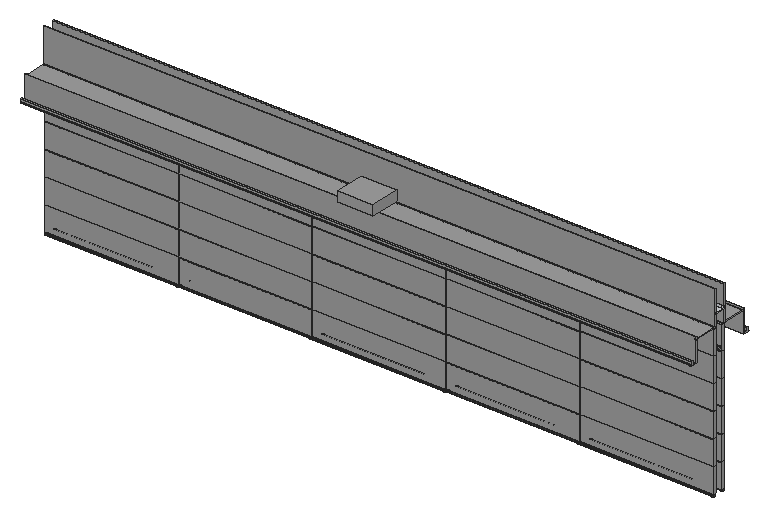
Revit family "Partition-6_Panels_High-Skyfold_Classic_Zenith-10-1_to_12-0_FC_3075_to_3660", category Generic Models, host Ceiling, Revit 2026 (continued)
Definition of nested family "2D Unfold Panels"
  Reference planes (in)
    plane 2 "Center (Left/Right)": x = -0.10225
    plane 3: y = 92
    plane 4: y = 68
    plane 5: y = 44
    plane 6: y = 20
    plane 7: y = -4
    plane 8: y = -28
    plane 9: y = -52
    plane 10: y = -51.57812
    plane 11: y = 90.875
    plane 12: x = -5.97725
    plane 13: x = 5.77275
  Lines and regions (in)
    detail lines, in view "Ref. Level"
      curve 1: line (-5.97725, 87.75359, 0) -> (-5.97725, 71.81444, 0)
      curve 2: line (-3.72714, 87.75359, 0) -> (-3.72714, 71.81444, 0)
      curve 3: line (-5.97725, -31.03511, 0) -> (-5.97725, -47.75359, 0)
      curve 4: line (-3.72714, -31.03511, 0) -> (-3.72714, -47.75359, 0)
      curve 5: line (-5.97725, 64.99919, 0) -> (-5.97725, 48.08246, 0)
      curve 6: line (-3.72714, 64.99919, 0) -> (-3.72714, 48.08246, 0)
      curve 7: line (-5.97725, 41.26216, 0) -> (-5.97725, 24.20598, 0)
      curve 8: line (-3.72714, 41.26216, 0) -> (-3.72714, 24.20598, 0)
      curve 9: line (-5.97725, 16.99919, 0) -> (-5.97725, 0.08246, 0)
      curve 10: line (-3.72714, 16.99919, 0) -> (-3.72714, 0.08246, 0)
      curve 11: line (-5.97725, -6.73784, 0) -> (-5.97725, -23.79402, 0)
      curve 12: line (-3.72714, -6.73784, 0) -> (-3.72714, -23.79402, 0)
      curve 13: line (5.77275, 87.75359, 0) -> (5.77275, 71.81444, 0)
      curve 14: line (3.52264, 87.75359, 0) -> (3.52264, 71.81444, 0)
      curve 15: line (5.77275, 64.99919, 0) -> (5.77275, 48.08246, 0)
      curve 16: line (3.52264, 64.99919, 0) -> (3.52264, 48.08246, 0)
      curve 17: line (5.77275, 41.26216, 0) -> (5.77275, 24.20598, 0)
      curve 18: line (3.52264, 41.26216, 0) -> (3.52264, 24.20598, 0)
      curve 19: line (5.77275, 16.99919, 0) -> (5.77275, 0.08246, 0)
      curve 20: line (3.52264, 16.99919, 0) -> (3.52264, 0.08246, 0)
      curve 21: line (5.77275, -6.73784, 0) -> (5.77275, -23.79402, 0)
      curve 22: line (3.52264, -6.73784, 0) -> (3.52264, -23.79402, 0)
      curve 23: line (5.77275, -31.03511, 0) -> (5.77275, -47.75359, 0)
      curve 24: line (3.52264, -31.03511, 0) -> (3.52264, -47.75359, 0)
  Dimensions and locks (in)
    "Distance_Between_Panels": plane 4 to plane 3
    locked: plane 10 to plane 9 at 0.42188
    equal spacing: plane 9, plane 8, plane 7, plane 6, plane 5, plane 4, plane 3
    locked: plane 3 to plane 11 at 1.125
    equal spacing: plane 12, plane 2 "Center (Left/Right)", plane 13
    "Wall thickness": plane 12 to plane 13
    aligned and locked: plane 2 "Center (Left/Right)" to nested 1
    aligned and locked: plane 2 "Center (Left/Right)" to nested 2
    aligned and locked: plane 2 "Center (Left/Right)" to nested 3
    aligned and locked: plane 2 "Center (Left/Right)" to nested 4
    aligned and locked: plane 2 "Center (Left/Right)" to nested 5
    aligned: plane 3 to nested 5
    aligned: plane 5 to nested 4
    aligned: plane 6 to nested 3
    aligned: plane 9 to nested 2
    aligned: nested 2 to plane 9
    aligned: plane 8 to nested 6
    aligned: plane 7 to nested 7
    aligned: nested 3 to plane 6
    aligned: nested 4 to plane 5
    aligned: plane 9 to nested 1
    aligned and locked: nested 2 to plane 8
    aligned and locked: nested 6 to plane 7
    aligned and locked: nested 7 to plane 6
    aligned and locked: nested 3 to plane 5
    aligned and locked: nested 4 to plane 4
    aligned and locked: nested 1 to plane 10
    aligned and locked: nested 5 to plane 11
    aligned and locked: curve 1 to plane 12
    aligned and locked: nested 5 to curve 2
    aligned and locked: plane 2 "Center (Left/Right)" to nested 7
    aligned and locked: plane 2 "Center (Left/Right)" to nested 6
  Automatic sketch dimensions
    curve 11 to plane 12 = 0' - 0"
    curve 3 to plane 12 = 0' - 0"
    curve 9 to plane 12 = 0' - 0"
    curve 5 to plane 12 = 0' - 0"
    curve 7 to plane 12 = 0' - 0"
    curve 19 to plane 13 = 0' - 0"
    curve 17 to plane 13 = 0' - 0"
    curve 21 to plane 13 = 0' - 0"
    curve 15 to plane 13 = 0' - 0"
    curve 23 to plane 13 = 0' - 0"
    curve 13 to plane 13 = 0' - 0"
    curve 5 to curve 6 = 0' - 2.25011"
    plane 12 to curve 8 = 0' - 2.25011"
    curve 3 to curve 4 = 0' - 2.25011"
    plane 12 to curve 10 = 0' - 2.25011"
    plane 12 to curve 12 = 0' - 2.25011"
    curve 24 to plane 13 = 0' - 2.25011"
    curve 14 to curve 13 = 0' - 2.25011"
    curve 22 to plane 13 = 0' - 2.25011"
    curve 16 to curve 15 = 0' - 2.25011"
    curve 20 to curve 19 = 0' - 2.25011"
    curve 18 to curve 17 = 0' - 2.25011"
    plane 10 to curve 23 = 0' - 3.82454"
    plane 10 to curve 4 = 0' - 3.82454"
    curve 3 to curve 4 = 0' - 0"  (x2)
    curve 24 to curve 23 = 0' - 0"  (x2)
    plane 8 to curve 3 = 0' - 3.03511"
    plane 8 to curve 24 = 0' - 3.03511"
    curve 11 to plane 8 = 0' - 4.20598"
    curve 21 to plane 8 = 0' - 4.20598"
    curve 22 to curve 21 = 0' - 0"  (x2)
    curve 11 to curve 12 = 0' - 0"  (x2)
    plane 7 to curve 12 = 0' - 2.73784"
    plane 7 to curve 22 = 0' - 2.73784"
    curve 9 to plane 7 = 0' - 4.08246"
    curve 19 to plane 7 = 0' - 4.08246"
    curve 9 to curve 10 = 0' - 0"  (x2)
    curve 20 to curve 19 = 0' - 0"  (x2)
    plane 6 to curve 20 = 0' - 3.00081"
    plane 6 to curve 10 = 0' - 3.00081"
    curve 7 to plane 6 = 0' - 4.20598"
    curve 7 to curve 8 = 0' - 0"  (x2)
    curve 17 to plane 6 = 0' - 4.20598"
    curve 18 to curve 17 = 0' - 0"  (x2)
    plane 5 to curve 17 = 0' - 2.73784"
    plane 5 to curve 8 = 0' - 2.73784"
    curve 5 to plane 5 = 0' - 4.08246"
    curve 5 to curve 6 = 0' - 0"  (x2)
    curve 16 to plane 5 = 0' - 4.08246"
    curve 16 to curve 15 = 0' - 0"  (x2)
    plane 4 to curve 5 = 0' - 3.00081"
    plane 4 to curve 15 = 0' - 3.00081"
    curve 13 to plane 4 = 0' - 3.81444"
    curve 1 to plane 4 = 0' - 3.81444"
    curve 1 to curve 2 = 0' - 0"  (x2)
    curve 14 to curve 13 = 0' - 0"  (x2)
    curve 2 to plane 11 = 0' - 3.12141"
    curve 13 to plane 11 = 0' - 3.12141"
  Nested families (in)
    nested 1: "vert fin bas" at (-0.50227, -47.3033, 0), type "vert fin bas", in view "Ref. Level"
    nested 2: "vert biseau" at (-0.14948, -31.00081, 0), type "vert biseau", in view "Ref. Level"
    nested 3: "vert levres" at (-0.20153, 41.32838, 0), type "vert levres", in view "Ref. Level"
    nested 4: "vert biseau" at (-0.14948, 64.99919, 0), type "vert biseau", in view "Ref. Level"
    nested 5: "vert fin haut" at (0.33476, 86.63143, 0), type "vert fin haut", in view "Ref. Level"
    nested 6: "vert levres" at (-0.20153, -6.67162, 0), type "vert levres", in view "Ref. Level"
    nested 7: "vert biseau" at (-0.14948, 16.99919, 0), type "vert biseau", in view "Ref. Level"
  Definition of nested family "vert fin bas"
    Parameters
      Wall thickness = 0' - 11 3/4"
      Assembly Code = ""
    Reference planes (in)
      plane 1 "Center (Front/Back)": y = 0
      plane 2: z = 0
      plane 3 "Center (Left/Right)": x = 0.40002
      plane 4: x = -5.47498
      plane 5: x = 6.27502
    Lines and regions (in)
      model lines, in view "Ref. Level"
        curve 1: arc (-5.46512, -5.84526, 0) -> (-5.03544, -6.27494, 0) -> (-4.60575, -5.84526, 0) r 0.42968
        curve 2: line (-5.47498, 0.00284, 0) -> (-5.47498, -4.27482, 0)
        curve 3: line (-5.47498, -4.27482, 0) -> (-5.22497, -4.27482, 0)
        curve 4: line (-5.22497, -4.27482, 0) -> (-5.46512, -5.84526, 0)
        curve 5: line (-4.60575, -5.84526, 0) -> (-4.85481, -4.24357, 0)
        curve 6: line (-4.85481, -4.24357, 0) -> (-4.24567, -4.24357, 0)
        curve 7: line (-4.24567, -4.24357, 0) -> (-3.22487, -3.22277, 0)
        curve 8: line (-3.22487, -3.22277, 0) -> (-3.22487, 0.00284, 0)
        curve 9: arc (0.90004, -6.01609, 0) -> (1.25205, -5.87118, 0) -> (1.40004, -5.52045, 0) r 0.50003
        curve 10: arc (1.40004, -5.52045, 0) -> (1.38599, -5.43168, 0) -> (1.33756, -5.35598, 0) r 0.21963
        curve 11: arc (-0.53754, -5.35598, 0) -> (-0.58597, -5.43168, 0) -> (-0.60002, -5.52045, 0) r 0.21963
        curve 12: arc (-0.60002, -5.52045, 0) -> (-0.45203, -5.87118, 0) -> (-0.10001, -6.01609, 0) r 0.50003
        curve 13: arc (0.15, -4.98096, 0) -> (0.23839, -4.94435, 0) -> (0.275, -4.85595, 0) r 0.12501
        curve 14: arc (0.52502, -4.85595, 0) -> (0.56163, -4.94435, 0) -> (0.65002, -4.98096, 0) r 0.12501
        curve 15: arc (-0.60004, -4.85595, 0) -> (-0.68843, -4.89257, 0) -> (-0.72505, -4.98096, 0) r 0.12501
        curve 16: arc (-0.72505, -5.51606, 0) -> (-0.54198, -5.95803, 0) -> (-0.10001, -6.14109, 0) r 0.62503
        curve 17: arc (0.90004, -6.14109, 0) -> (1.342, -5.95803, 0) -> (1.52507, -5.51606, 0) r 0.62503
        curve 18: arc (1.52507, -4.98096, 0) -> (1.48845, -4.89257, 0) -> (1.40006, -4.85595, 0) r 0.12501
        curve 19: line (-0.10001, -6.01609, 0) -> (0.90004, -6.01609, 0)
        curve 20: line (1.33756, -5.35598, 0) -> (-0.53754, -5.35598, 0)
        curve 21: line (0.65002, -4.98096, 0) -> (1.40006, -4.98096, 0)
        curve 22: line (1.40006, -4.98096, 0) -> (1.40006, -5.23097, 0)
        curve 23: line (1.40006, -5.23097, 0) -> (-0.60004, -5.23097, 0)
        curve 24: line (-0.60004, -5.23097, 0) -> (-0.60004, -4.98096, 0)
        curve 25: line (-0.60004, -4.98096, 0) -> (0.15, -4.98096, 0)
        curve 26: line (0.275, -4.85595, 0) -> (0.275, -3.23087, 0)
        curve 27: line (0.275, -3.23087, 0) -> (0.52502, -3.23087, 0)
        curve 28: line (0.52502, -3.23087, 0) -> (0.52502, -4.85595, 0)
        curve 29: line (-0.35003, -4.98096, 0) -> (-0.35003, -4.85595, 0)
        curve 30: line (-0.35003, -4.85595, 0) -> (-0.60004, -4.85595, 0)
        curve 31: line (-0.72505, -4.98096, 0) -> (-0.72505, -5.51606, 0)
        curve 32: line (-0.10001, -6.14109, 0) -> (0.90004, -6.14109, 0)
        curve 33: line (1.52507, -5.51606, 0) -> (1.52507, -4.98096, 0)
        curve 34: line (1.40006, -4.85595, 0) -> (1.15005, -4.85595, 0)
        curve 35: line (1.15005, -4.85595, 0) -> (1.15005, -4.98096, 0)
      detail lines, in view "Ref. Level"
        curve 36: arc (6.26516, -5.84526, 0) -> (5.83548, -6.27494, 0) -> (5.4058, -5.84526, 0) r 0.42968
        curve 37: line (6.27502, 0.00284, 0) -> (6.27502, -4.27482, 0)
        curve 38: line (6.27502, -4.27482, 0) -> (6.02501, -4.27482, 0)
        curve 39: line (6.02501, -4.27482, 0) -> (6.26516, -5.84526, 0)
        curve 40: line (5.4058, -5.84526, 0) -> (5.65485, -4.24357, 0)
        curve 41: line (5.65485, -4.24357, 0) -> (5.04571, -4.24357, 0)
        curve 42: line (5.04571, -4.24357, 0) -> (4.02491, -3.22277, 0)
        curve 43: line (4.02491, -3.22277, 0) -> (4.02491, 0.00284, 0)
    Dimensions and locks (in)
      equal spacing: plane 4, plane 3 "Center (Left/Right)", plane 5
      "Wall thickness": plane 4 to plane 5
    Automatic sketch dimensions
      curve 9 to curve 17 = 0' - 0"  (x2)
      curve 12 to curve 16 = 0' - 0"  (x2)
      curve 2 to plane 4 = 0' - 0"
      curve 37 to plane 5 = 0' - 0"
      plane 4 to curve 4 = 0' - 0.00986"
      curve 2 to curve 4 = 0' - 0 1/4"
      curve 1 to curve 1 = 0' - 0 55/128"
      curve 3 to curve 5 = 0' - 0.37016"
      curve 5 to curve 6 = 0' - 0.60914"
      curve 6 to curve 8 = 0' - 1.0208"
      curve 31 to plane 3 "Center (Left/Right)" = 0' - 1.12507"
      curve 15 to curve 24 = 0' - 0 1/8"
      curve 15 to curve 24 = 0' - 0"  (x2)
      curve 31 to curve 11 = 0' - 0.12503"
      curve 23 to curve 20 = 0' - 0 1/16"
      curve 12 to curve 11 = 0' - 0.21937"
      curve 24 to curve 29 = 0' - 0 1/4"
      curve 12 to plane 3 "Center (Left/Right)" = 0' - 0.50004"
      curve 13 to plane 3 "Center (Left/Right)" = 0' - 0.25002"
      curve 26 to plane 3 "Center (Left/Right)" = 0' - 0 1/8"
      plane 3 "Center (Left/Right)" to curve 28 = 0' - 0 1/8"
      curve 14 to curve 21 = 0' - 0 1/8"
      plane 3 "Center (Left/Right)" to curve 32 = 0' - 0 1/2"
      curve 14 to curve 34 = 0' - 0.50002"
      curve 9 to curve 10 = 0' - 0.28063"
      curve 10 to curve 20 = 0' - 0.15689"
      curve 10 to curve 10 = 0' - 0 1/16"
      curve 35 to curve 21 = 0' - 0 1/4"
      curve 18 to curve 21 = 0' - 0"
      curve 9 to curve 17 = 0' - 0.12503"
      curve 43 to plane 5 = 0' - 2.25011"
      curve 42 to plane 5 = 0' - 1.22931"
      curve 40 to plane 5 = 0' - 0.86922"
      curve 41 to curve 40 = 0' - 0.60914"
      curve 36 to curve 36 = 0' - 0 55/128"
      curve 38 to plane 5 = 0' - 0 1/4"
      plane 1 "Center (Front/Back)" to curve 32 = 0' - 6.14109"
      curve 32 to curve 19 = 0' - 0 1/8"
      curve 36 to curve 17 = 0' - 0.3292"
      curve 5 to curve 16 = 0' - 0.3292"
      curve 12 to curve 11 = 0' - 0.01076"
      curve 20 to curve 23 = 0' - 0 1/8"
      curve 22 to curve 33 = 0' - 0 1/4"
      curve 12 to curve 25 = 0' - 0.5351"
      curve 14 to curve 13 = 0' - 0 1/8"
      curve 1 to curve 3 = 0' - 1.57044"
      curve 36 to curve 39 = 0' - 1.57044"
      curve 38 to curve 42 = 0' - 0 1/32"
      curve 3 to curve 7 = 0' - 0 1/32"
      curve 13 to curve 26 = 0' - 1.62508"
      curve 41 to curve 42 = 0' - 1.0208"
      curve 6 to curve 7 = 0' - 1.0208"
      curve 8 to plane 1 "Center (Front/Back)" = 0' - 0.00284"
      curve 37 to plane 1 "Center (Front/Back)" = 0' - 0.00284"
      curve 2 to plane 1 "Center (Front/Back)" = 0' - 0.00284"
      curve 43 to plane 1 "Center (Front/Back)" = 0' - 0.00284"
  Definition of nested family "vert biseau"
    Parameters
      Wall thickness = 0' - 11 3/4"
      Assembly Code = ""
    Reference planes (in)
      plane 1 "Center (Front/Back)": y = 0
      plane 2: z = 0
      plane 3 "Center (Left/Right)": x = 0.04723
      plane 4: x = -5.82777
      plane 5: x = 5.92223
    Lines and regions (in)
      model lines, in view "Ref. Level"
        curve 1: line (-3.57766, -0.0343, 0) -> (-3.57766, 2.19877, 0)
        curve 2: line (-3.57766, 2.19877, 0) -> (-4.3797, 3.00081, 0)
        curve 3: line (-4.3797, 3.00081, 0) -> (-5.82777, 3.00081, 0)
        curve 4: line (-5.82777, 3.00081, 0) -> (-5.82777, -0.0343, 0)
        curve 5: line (-5.82777, 7.20679, 0) -> (-5.82777, 3.50083, 0)
        curve 6: line (-5.82777, 3.50083, 0) -> (-4.3797, 3.50083, 0)
        curve 7: line (-4.3797, 3.50083, 0) -> (-3.57766, 4.30287, 0)
        curve 8: line (-3.57766, 4.30287, 0) -> (-3.57766, 7.20679, 0)
      detail lines, in view "Ref. Level"
        curve 9: line (3.67212, -0.0343, 0) -> (3.67212, 2.19877, 0)
        curve 10: line (3.67212, 2.19877, 0) -> (4.47416, 3.00081, 0)
        curve 11: line (4.47416, 3.00081, 0) -> (5.92223, 3.00081, 0)
        curve 12: line (5.92223, 3.00081, 0) -> (5.92223, -0.0343, 0)
        curve 13: line (5.92223, 7.20679, 0) -> (5.92223, 3.50083, 0)
        curve 14: line (5.92223, 3.50083, 0) -> (4.47416, 3.50083, 0)
        curve 15: line (4.47416, 3.50083, 0) -> (3.67212, 4.30287, 0)
        curve 16: line (3.67212, 4.30287, 0) -> (3.67212, 7.20679, 0)
    Dimensions and locks (in)
      "Wall thickness": plane 4 to plane 5
      equal spacing: plane 4, plane 3 "Center (Left/Right)", plane 5
    Automatic sketch dimensions
      curve 5 to plane 4 = 0' - 0"
      curve 4 to plane 4 = 0' - 0"
      curve 13 to plane 5 = 0' - 0"
      curve 12 to plane 5 = 0' - 0"
      curve 3 to curve 2 = 0' - 1.44807"
      curve 7 to curve 2 = 0' - 0"
      curve 2 to curve 1 = 0' - 0.80204"
      curve 6 to curve 7 = 0' - 0.80204"  (x2)
      plane 1 "Center (Front/Back)" to curve 9 = 0' - 0.0343"
      curve 9 to curve 12 = 0' - 2.25011"
      curve 16 to curve 9 = 0' - 0"
      curve 9 to curve 11 = 0' - 0.80204"
      curve 15 to curve 10 = 0' - 0"
      plane 1 "Center (Front/Back)" to curve 12 = 0' - 0.0343"
      plane 1 "Center (Front/Back)" to curve 1 = 0' - 0.0343"
      plane 1 "Center (Front/Back)" to curve 4 = 0' - 0.0343"
      curve 10 to plane 1 "Center (Front/Back)" = 0' - 2.19877"
      curve 2 to plane 1 "Center (Front/Back)" = 0' - 2.19877"
      curve 9 to curve 12 = 0' - 0.80204"
      curve 1 to curve 4 = 0' - 0.80204"
      curve 3 to curve 5 = 0' - 0.50003"
      curve 11 to curve 14 = 0' - 0.50003"
      curve 14 to curve 16 = 0' - 0.80204"
      curve 7 to curve 5 = 0' - 2.90391"
      curve 15 to curve 13 = 0' - 2.90391"
      curve 5 to curve 8 = 0' - 0"
      curve 16 to curve 13 = 0' - 0"
  Definition of nested family "vert levres"
    Parameters
      Wall thickness = 0' - 11 3/4"
      Assembly Code = ""
    Reference planes (in)
      plane 1 "Center (Front/Back)": y = 0
      plane 2: z = 0
      plane 3 "Center (Left/Right)": x = 0.09928
      plane 4: x = -5.77572
      plane 5: x = 5.97428
    Lines and regions (in)
      model lines, in view "Ref. Level"
        curve 1: line (-5.52571, 3.18965, 0) -> (-5.52571, 2.67162, 0)
        curve 2: line (-5.52571, 2.67162, 0) -> (-5.52571, 3.18965, 0)
        curve 3: line (-5.52571, 3.18965, 0) -> (-5.77572, 3.18965, 0)
        curve 4: line (-5.77572, 3.18965, 0) -> (-5.77572, -0.10051, 0)
        curve 5: line (-5.77572, 6.75409, 0) -> (-5.77572, 3.68967, 0)
        curve 6: line (-5.77572, 3.68967, 0) -> (-3.52561, 3.68967, 0)
        curve 7: line (-3.52561, 3.68967, 0) -> (-3.52561, 6.75409, 0)
        curve 8: line (-3.52561, -0.10051, 0) -> (-3.52561, 2.67162, 0)
        curve 9: line (-3.52561, 2.67162, 0) -> (-5.52571, 2.67162, 0)
      detail lines, in view "Ref. Level"
        curve 10: line (5.72427, 3.18965, 0) -> (5.72427, 2.67162, 0)
        curve 11: line (5.72427, 2.67162, 0) -> (5.72427, 3.18965, 0)
        curve 12: line (5.72427, 3.18965, 0) -> (5.97428, 3.18965, 0)
        curve 13: line (5.97428, 3.18965, 0) -> (5.97428, -0.10051, 0)
        curve 14: line (5.97428, 6.75409, 0) -> (5.97428, 3.68967, 0)
        curve 15: line (5.97428, 3.68967, 0) -> (3.72417, 3.68967, 0)
        curve 16: line (3.72417, 3.68967, 0) -> (3.72417, 6.75409, 0)
        curve 17: line (3.72417, -0.10051, 0) -> (3.72417, 2.67162, 0)
        curve 18: line (3.72417, 2.67162, 0) -> (5.72427, 2.67162, 0)
    Dimensions and locks (in)
      equal spacing: plane 4, plane 3 "Center (Left/Right)", plane 5
      "Wall thickness": plane 4 to plane 5
    Automatic sketch dimensions
      curve 5 to plane 4 = 0' - 0"
      curve 4 to plane 4 = 0' - 0"
      curve 14 to plane 5 = 0' - 0"
      curve 13 to plane 5 = 0' - 0"
      plane 4 to curve 2 = 0' - 0 1/4"
      plane 4 to curve 7 = 0' - 2.25011"
      plane 1 "Center (Front/Back)" to curve 8 = 0' - 0.10051"
      curve 4 to curve 8 = 0' - 2.25011"
      curve 18 to plane 5 = 0' - 2.25011"
      curve 16 to curve 17 = 0' - 0"
      curve 11 to curve 12 = 0' - 0 1/4"
      plane 1 "Center (Front/Back)" to curve 4 = 0' - 0.10051"
      plane 1 "Center (Front/Back)" to curve 13 = 0' - 0.10051"
      plane 1 "Center (Front/Back)" to curve 17 = 0' - 0.10051"
      curve 9 to plane 1 "Center (Front/Back)" = 0' - 2.67162"
      curve 10 to plane 1 "Center (Front/Back)" = 0' - 2.67162"
      curve 1 to curve 4 = 0' - 0.51803"
      curve 10 to curve 10 = 0' - 0.51803"
      curve 8 to curve 7 = 0' - 1.01805"
      curve 12 to curve 14 = 0' - 0.50002"
      curve 14 to curve 14 = 0' - 3.06441"
      curve 5 to curve 5 = 0' - 3.06441"
      curve 5 to curve 7 = 0' - 0"
      curve 16 to curve 14 = 0' - 0"
  Definition of nested family "vert fin haut"
    Parameters
      Wall thickness = 0' - 11 3/4"
      Assembly Code = ""
    Reference planes (in)
      plane 1 "Center (Front/Back)": y = 0
      plane 2: z = 0
      plane 3 "Center (Left/Right)": x = -0.43701
      plane 4: x = -6.31201
      plane 5: x = 5.43799
    Lines and regions (in)
      detail lines, in view "Ref. Level"
        curve 1: arc (-6.30215, 5.84526, 0) -> (-5.87246, 6.27494, 0) -> (-5.44278, 5.84526, 0) r 0.42968
        curve 2: line (-6.31201, -0.00284, 0) -> (-6.31201, 4.27482, 0)
        curve 3: line (-6.31201, 4.27482, 0) -> (-6.06199, 4.27482, 0)
        curve 4: line (-6.06199, 4.27482, 0) -> (-6.30215, 5.84526, 0)
        curve 5: line (-5.44278, 5.84526, 0) -> (-5.69183, 4.24357, 0)
        curve 6: line (-5.69183, 4.24357, 0) -> (-5.0827, 4.24357, 0)
        curve 7: line (-5.0827, 4.24357, 0) -> (-4.06189, 3.22277, 0)
        curve 8: line (-4.06189, 3.22277, 0) -> (-4.06189, -0.00284, 0)
        curve 9: arc (5.42813, 5.84526, 0) -> (4.99845, 6.27494, 0) -> (4.56877, 5.84526, 0) r 0.42968
        curve 10: line (5.43799, -0.00284, 0) -> (5.43799, 4.27482, 0)
        curve 11: line (5.43799, 4.27482, 0) -> (5.18798, 4.27482, 0)
        curve 12: line (5.18798, 4.27482, 0) -> (5.42813, 5.84526, 0)
        curve 13: line (4.56877, 5.84526, 0) -> (4.81782, 4.24357, 0)
        curve 14: line (4.81782, 4.24357, 0) -> (4.20868, 4.24357, 0)
        curve 15: line (4.20868, 4.24357, 0) -> (3.18788, 3.22277, 0)
        curve 16: line (3.18788, 3.22277, 0) -> (3.18788, -0.00284, 0)
    Dimensions and locks (in)
      equal spacing: plane 4, plane 3 "Center (Left/Right)", plane 5
      "Wall thickness": plane 4 to plane 5
    Automatic sketch dimensions
      curve 2 to plane 4 = 0' - 0"
      curve 10 to plane 5 = 0' - 0"
      plane 4 to curve 1 = 0' - 0.00986"
      plane 4 to curve 3 = 0' - 0 1/4"
      curve 1 to curve 1 = 0' - 0 55/128"
      curve 3 to curve 5 = 0' - 0.37016"
      curve 5 to curve 6 = 0' - 0.60914"
      curve 6 to curve 8 = 0' - 1.0208"
      plane 1 "Center (Front/Back)" to curve 16 = 0' - 0.00284"
      curve 16 to curve 10 = 0' - 2.25011"
      curve 15 to plane 5 = 0' - 1.22931"
      curve 9 to plane 5 = 0' - 0.86922"
      curve 14 to curve 14 = 0' - 0.60914"
      curve 9 to curve 9 = 0' - 0 55/128"
      curve 12 to curve 10 = 0' - 0 1/4"
      plane 1 "Center (Front/Back)" to curve 10 = 0' - 0.00284"
      plane 1 "Center (Front/Back)" to curve 8 = 0' - 0.00284"
      plane 1 "Center (Front/Back)" to curve 2 = 0' - 0.00284"
      curve 16 to plane 1 "Center (Front/Back)" = 0' - 3.22277"
      curve 7 to plane 1 "Center (Front/Back)" = 0' - 3.22277"
      curve 15 to curve 14 = 0' - 1.0208"
      curve 7 to curve 5 = 0' - 1.0208"
      curve 5 to curve 3 = 0' - 0 1/32"
      curve 13 to curve 12 = 0' - 0 1/32"
      curve 2 to curve 1 = 0' - 1.57044"
      curve 10 to curve 12 = 0' - 1.57044"
Definition of nested family "Suspended Ceiling Component"
  Parameters
    Assembly Code = ""
  Reference planes (in)
    plane 1 "Centre (avant/arrière)": y = 0
    plane 2: z = 0
    plane 3 "Centre (gauche/droite)": x = 0
Definition of nested family "Disclaimer Component"
  Parameters
    Assembly Code = ""
  Reference planes (in)
    plane 1 "Centre (avant/arrière)": y = 0
    plane 2: z = 0
    plane 3 "Centre (gauche/droite)": x = 0
Definition of nested family "construction as per ASTM E557 Component"
  Parameters
    Assembly Code = ""
  Reference planes (in)
    plane 1 "Centre (avant/arrière)": y = 0
    plane 2: z = 0
    plane 3 "Centre (gauche/droite)": x = 0
Types (5): name | Total Panel Height | Panel Array | Manufacturer | Description | Total Wall Length | Pocket Width"E" | Pocket Depth"D" | Panel Length | Panel Height"F" | Center Pantographs | Number Of Panels | Motor Positionning | Height Between Panels | Distance Between Panels | Finished Ceiling"A" | Top Of Acoustic Barrier | Beam Height"B" | Acoustic Barrier"C"
  10'- 1" | 11' - 6 1/4" | 4 | "Skyfold" | "Custom Powerlift Partitions" | 43' - 0" | 4' - 7" | 1' - 8 1/4" | 10' - 8 1/8" | 1' - 10 5/8" | 3 | 4 | 16' - 1 15/16" | 1' - 11 1/8" | 10' - 8 5/8" | 10' - 1" | 15' - 0" | 12' - 9" | 11' - 9 1/4"
  11' - 0" | 12' - 5 1/2" | 3 | "Skyfold" | "Custom Powerlift Partitions" | 32' - 0" | 4' - 10 3/4" | 1' - 8 1/2" | 10' - 7" | 2' - 0 1/2" | 2 | 3 | 16' - 0" | 2' - 1" | 10' - 7 1/2" | 11' - 0" | 16' - 0" | 13' - 8 1/4" | 12' - 8 1/2"
  10' - 6" | 11' - 11 1/2" | 5 | "Skyfold" | "Custom Powerlift Partitions" | 54' - 0" | 4' - 8 3/4" | 1' - 8 1/2" | 10' - 8.8" | 1' - 11 1/2" | 4 | 5 | 27' - 0" | 2' - 0" | 10' - 9.3" | 10' - 6" | 15' - 0" | 13' - 2 1/4" | 12' - 2 1/2"
  11' - 6" | 12' - 11 1/2" | 3 | "Skyfold" | "Custom Powerlift Partitions\r\nCustom Powerlift Partitions" | 34' - 0" | 5' - 0 3/4" | 1' - 8 1/2" | 11' - 3" | 2' - 1 1/2" | 2 | 3 | 17' - 0" | 2' - 2" | 11' - 3 1/2" | 11' - 6" | 15' - 0" | 14' - 2 1/4" | 13' - 2 1/2"
  12' - 0" | 13' - 5 1/2" | 3 | "Skyfold\r\nSkyfold" | "Custom Powerlift Partitions" | 35' - 0" | 5' - 2 3/4" | 1' - 8 1/2" | 11' - 7" | 2' - 2 1/2" | 2 | 3 | 17' - 6" | 2' - 3" | 11' - 7 1/2" | 12' - 0" | 16' - 0" | 14' - 8 1/4" | 13' - 8 1/2"
